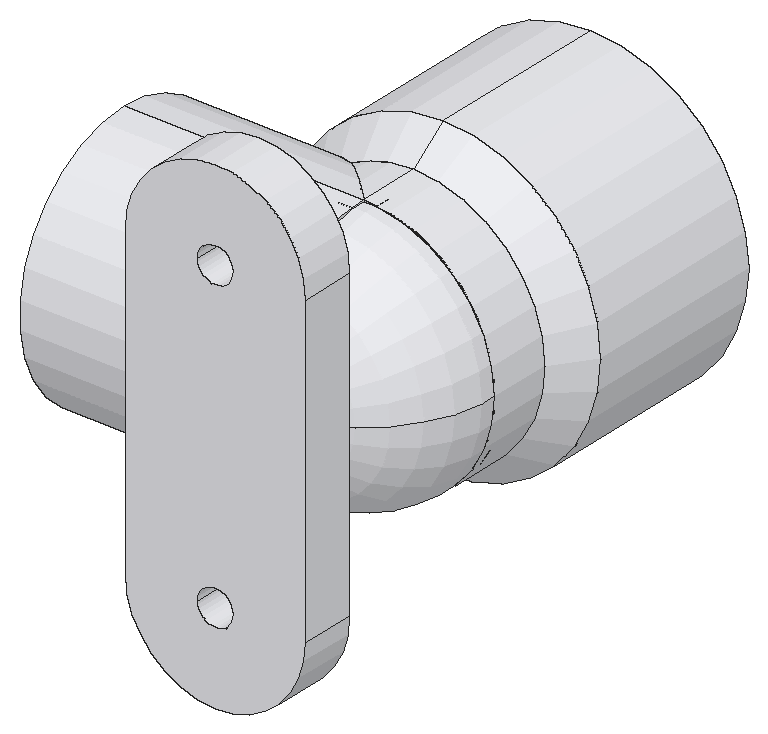
Revit family "PF_Отвод [фитинг полипропиленовый - водорозетка с внутренней резьбой VTp.754.0]1 - VALTEC", category Соединительные детали трубопроводов, Revit 2019
Family settings
  Размер круглого соединителя = Использовать диаметр
  Тип детали = Отвод
  На основе рабочей плоскости = Нет
  Всегда вертикально = Да
  При загрузке вырезать с полостями = Нет
  Общий = Нет
Parameters (values of type "VTp.754.0")
  Угол 1 [instance] = size_lookup(Таблица, "Угол 1", 0.00°, d1, d2)  # 0.00°
  Угол [instance] = 90.00°
  Таблица = "PF_Отвод [фитинг полипропиленовый - водорозетка с внутренней резьбой VTp.754.0] - VALTEC"  # constant formula
  built-in parameter 1114238 [instance] = (empty or 0)
  Keynote = ""
  Manufacturer = ""
  x2 [instance] = size_lookup(Таблица, "x2", 0 mm, d1, d2)  # 31.4 mm
  x1 [instance] = size_lookup(Таблица, "x1", 0 mm, d1, d2)  # 26.5 mm
  r [instance] = size_lookup(Таблица, "r", 0 mm, d1, d2)  # 14.5 mm
  lc3 [instance] = size_lookup(Таблица, "lc3", 0 mm, d1, d2)  # -31.4 mm
  lc2 [instance] = size_lookup(Таблица, "lc2", 0 mm, d1, d2)  # -24.5 mm
  lc1 [instance] = size_lookup(Таблица, "lc1", 0 mm, d1, d2)  # -20.4 mm
  la1 [instance] = size_lookup(Таблица, "la1", 0 mm, d1, d2)  # -26.5 mm
  l0 [instance] = size_lookup(Таблица, "l0", 0 mm, d1, d2)  # 0 mm
  dn3 [instance] = size_lookup(Таблица, "dn3", 0 mm, d1, d2)  # 29 mm
  dn2 [instance] = size_lookup(Таблица, "dn2", 0 mm, d1, d2)  # 35 mm
  d2 [instance] = 15 mm
  d1 [instance] = 20 mm
  dn1 [instance] = size_lookup(Таблица, "dn1", 0 mm, d1, d2)  # 29 mm
  URL = "https://valtec.ru/"
  C [instance] = size_lookup(Таблица, "C", 0 mm, d1, d2)  # 31.4 mm
  B [instance] = size_lookup(Таблица, "B", 0 mm, d1, d2)  # 15 mm
  ADSK_Примечание [instance] = ""
  ADSK_Позиция [instance] = ""
  ADSK_Обозначение [instance] = "VTp.754.0"  # constant formula
  ADSK_Наименование [instance] = size_lookup(Таблица, "", "Данный типоразмер отсутствует", d1, d2)  # "Фитинг полипропиленовый - водорозетка с внутренней резьбой, 20 мм х 1/2\""
  ADSK_Материал [instance] = Пластик белый - VALTEC
  ADSK_Масса [instance] = size_lookup(Таблица, "Масса", 0, d1, d2)  # 0.055
  ADSK_Марка [instance] = size_lookup(Таблица, "Маркировка", "Данный типоразмер отсутствует", d1, d2)  # "20х1/2\""
  ADSK_Код изделия [instance] = size_lookup(Таблица, "Код продукта", "Данный типоразмер отсутствует", d1, d2)  # "VTp.754.0.02004"
  ADSK_Завод-изготовитель [instance] = "VALTEC"  # constant formula
  ADSK_Единица измерения [instance] = "шт."  # constant formula
  ADSK_URL страницы изделия = "https://valtec.ru/catalog/sistemy_polipropilenovyh_truboprovodov/polipropilenovye_fitingi/fiting_polipropilenovyj_vodorozetka_s_vnutrennej_rezboj_vtp7540.html"
  ADSK_URL документации изделия = "https://valtec.ru/document/technical/VTp.700-fitingi-0419.pdf"
  A [instance] = size_lookup(Таблица, "A", 0 mm, d1, d2)  # 26.5 mm
Reference planes
  plane 1 "По центру (Вперед/Назад)": y = 0
  plane 2: z = 0
  plane 3 "По центру (Влево/Вправо)": x = 0
  plane 4: x = -26.5
  plane 5: y = 14.5
  plane 6: x = -14.5
  plane 7: y = 31.4
  plane 8: y = -14.5
Forms (mm)
  Extrusion 1, solid, material "Пластик белый - VALTEC" <- "ADSK_Материал", detail levels medium+fine
    sketch origin (-26.5, 0, 0) x (0, 0, 1) y (0, 1, 0)
      loop
        circle (0, 0) r 14.5
    from 0 <- "l0" to -26.5 <- "la1"
  Extrusion 2, solid, material "Пластик белый - VALTEC" <- "ADSK_Материал", detail levels medium+fine
    sketch origin (0, 31.4, 0) x (0, 0, 1) y (1, 0, 0)
      loop
        circle (0, 0) r 17.5
    from 0 <- "l0" to -20.4 <- "lc1"
  Blend 3, solid, material "Пластик белый - VALTEC" <- "ADSK_Материал", detail levels medium+fine
    base sketch origin (0, 31.4, 0) x (0, 0, 1) y (1, 0, 0)
      loop
        circle (0, 0) r 17.5
    top sketch origin (0, 31.4, 0) x (0, 0, 1) y (1, 0, 0)
      loop
        circle (0, 0) r 14.5
    from -20.4 <- "lc1" to -24.5 <- "lc2"
  Revolve 4, solid, material "Пластик белый - VALTEC" <- "ADSK_Материал", detail levels medium+fine
    sketch origin (0, 0, 0) x (1, 0, 0) y (0, 1, 0)
      loop
        arc (0, -14.5) -> (14.5, 0) -> (0, 14.5) r 14.5
        line (0, 14.5) -> (0, -14.5)
      axis (0, 14.5) -> (0, -14.5)
    angle from 0 to 360
  Extrusion 5, solid, material "Пластик белый - VALTEC" <- "ADSK_Материал", detail levels medium+fine
    sketch origin (0, 31.4, 0) x (0, 0, 1) y (1, 0, 0)
      loop
        circle (0, 0) r 14.5
    from -24.5 <- "lc2" to -31.4 <- "lc3"
Cuts and joins
  joined: Extrusion 1, Extrusion 2, Blend 3, Extrusion 5
Lines and regions (mm)
  reference lines
    curve 1: line (0, 0, 0) -> (-26.5, 0, 0)
    curve 2: line (0, 0, 0) -> (0, 31.4, 0)
    curve 3: line (0, 0, 0) -> (0, -14.5, 0)
    curve 4: line (-26.5, 0, 0) -> (0, 0, 0)
    curve 5: line (0, -14.5, 0) -> (5, -14.5, 0)
    curve 6: line (0, 31.4, 0) -> (0, 0, 0)
  model lines, detail levels coarse
    curve 7: arc (-14.5, 0, 0) -> (-4.247, 4.247, 0) -> (0, 14.5, 0) r 14.5
    curve 8: line (0, 31.4, 0) -> (0, 14.5, 0)
    curve 9: line (-14.5, 0, 0) -> (-26.5, 0, 0)
Dimensions and locks
  "r": plane 1 "По центру (Вперед/Назад)" to plane 5
  "r": plane 6 to plane 3 "По центру (Влево/Вправо)"
  "A": plane 4 to plane 3 "По центру (Влево/Вправо)"
  "C": plane 1 "По центру (Вперед/Назад)" to plane 7
  "x1": curve 1 to curve 1
  "x2": curve 2 to curve 2
  "r": plane 1 "По центру (Вперед/Назад)" to plane 8
  "r": curve 3 to curve 3
  "x2": curve 6 to curve 6
  "dn1": diameter of Extrusion 1 sketch curve
  "dn2": diameter of Extrusion 2 sketch curve
  "dn2": diameter of Blend 3 sketch curve
  "dn3": diameter of Blend 3 sketch curve
  "dn3": diameter of Revolve 4 sketch curve
  "dn3": diameter of Extrusion 5 sketch curve
  "r": radius of curve 7
  "Угол 1": angle curve 1 to plane 1 "По центру (Вперед/Назад)"
  "Угол 1": angle plane 3 "По центру (Влево/Вправо)" to curve 3
  locked: curve 5 to curve 3 (angle 90.00°)
  "Угол 1": angle plane 3 "По центру (Влево/Вправо)" to curve 2
  "Угол 1": angle plane 3 "По центру (Влево/Вправо)" to nested 1
  aligned and locked: level to plane 2
  aligned and locked: plane 1 "По центру (Вперед/Назад)" to curve 3
  aligned and locked: plane 3 "По центру (Влево/Вправо)" to curve 4
  aligned and locked: plane 4 to curve 4
  aligned and locked: plane 1 "По центру (Вперед/Назад)" to curve 4
  aligned and locked: plane 1 "По центру (Вперед/Назад)" to Revolve 4 sketch curve
  aligned and locked: plane 3 "По центру (Влево/Вправо)" to Revolve 4 sketch curve
  aligned and locked: Revolve 4 sketch curve to plane 3 "По центру (Влево/Вправо)"  (x2)
  aligned and locked: plane 7 to curve 6
  aligned and locked: curve 6 to plane 3 "По центру (Влево/Вправо)"
  aligned and locked: curve 3 to nested 1
  aligned and locked: nested 1 to curve 5
  aligned and locked: plane 6 to curve 7
  aligned and locked: plane 5 to curve 8
  aligned and locked: plane 7 to curve 8
  aligned and locked: curve 8 to plane 3 "По центру (Влево/Вправо)"
  aligned and locked: plane 4 to curve 9
  aligned and locked: plane 6 to curve 9
  aligned and locked: curve 9 to plane 1 "По центру (Вперед/Назад)"
Automatic sketch dimensions
  Revolve 4 sketch curve to Revolve 4 sketch curve = 1985.5 mm
  plane 7 to Revolve 4 sketch curve = 1968.6 mm
  level to Extrusion 1 sketch curve = 0 mm
  level to Extrusion 2 sketch curve = 0 mm
  level to Blend 3 sketch curve = 0 mm  (x2)
  Extrusion 5 sketch curve to level = 0 mm
Nested families
  nested 1: "планка VTp.754.0" at (0, -14.5, 0), ADSK_Материал <- "ADSK_Материал", type "планка VTp.754.0", detail levels medium+fine
    with ADSK_Материал Пластик белый - VALTEC
Connectors
  piping at (-26.5, 0, 0), diameter 20, driven by "d1", driven by "Угол"
    settings: on curve 4, index 1, connector inside diameter 609.6 mm, connector length 0 mm, flow factor 0, pipe flow 0.0 L/s, pressure drop 0.0 Pa, fitting loss kfactor 0, connector angle 90.00°, fixture units 0, engagement length 0 mm, angle of deflection 0.00°, flow configuration 0, flow direction 0, fitting loss method 0, system type 28, joint type 0, gender type 0, connector reference index 2, connector utility 0, adjustable connector no, is connector primary yes, connector description ""
  piping at (0, 31.4, 0), diameter 15, driven by "Угол", driven by "d2"
    settings: on curve 6, index 2, connector inside diameter 609.6 mm, connector length 0 mm, flow factor 0, pipe flow 0.0 L/s, pressure drop 0.0 Pa, fitting loss kfactor 0, connector angle 90.00°, fixture units 0, engagement length 0 mm, angle of deflection 0.00°, flow configuration 0, flow direction 0, fitting loss method 0, system type 28, joint type 0, gender type 0, connector reference index 1, connector utility 0, adjustable connector no, is connector primary no, connector description ""
Definition of nested family "планка VTp.754.0"
  Parameters (values of type "планка VTp.754.0")
    r = 10 mm  # constant formula
    b = 20 mm  # constant formula
    a = 54 mm  # constant formula
    ADSK_Материал [instance] = none
  Reference planes
    plane 1 "По центру (Вперед/Назад)": y = 0
    plane 2: z = 0
    plane 3 "По центру (Влево/Вправо)": x = 0
    plane 4: x = -10
    plane 5: x = 10
    plane 6: z = 27
    plane 7: z = -27
    plane 8: y = -6
  Forms (mm)
    Extrusion 1, solid, material <- "ADSK_Материал"
      sketch origin (0, 0, 0) x (1, 0, 0) y (0, 0, 1)
        loop
          line (-10, 17) -> (-10, -17)
          arc (-10, -17) -> (0, -27) -> (10, -17) r 10
          line (10, -17) -> (10, 17)
          arc (10, 17) -> (0, 27) -> (-10, 17) r 10
        loop
          circle (0, 17) r 2
        loop
          circle (0, -17) r 2
      from 0 to 6
  Lines and regions (mm)
    reference lines
      curve 1: line (0, 0, 0) -> (0, -6, 0)
      curve 2: line (-3.156, 0, 0) -> (3.156, 0, 0)
  Dimensions and locks
    equal spacing: plane 4, plane 3 "По центру (Влево/Вправо)", plane 5
    equal spacing: plane 6, plane 2, plane 7
    locked: plane 1 "По центру (Вперед/Назад)" to plane 8 at 6
    equal spacing: curve 2, plane 3 "По центру (Влево/Вправо)", curve 2
    "b": plane 4 to plane 5
    "a": plane 6 to plane 7
    "r": radius of Extrusion 1 sketch curve  (x2)
    aligned and locked: level to plane 2
    aligned and locked: plane 8 to curve 1
    aligned and locked: plane 1 "По центру (Вперед/Назад)" to curve 2
    aligned and locked: Extrusion 1 sketch curve to plane 5
    aligned and locked: Extrusion 1 sketch curve to plane 4
    aligned and locked: Extrusion 1 to plane 1 "По центру (Вперед/Назад)"
    aligned and locked: Extrusion 1 to plane 8
  Automatic sketch dimensions
    curve 1 to plane 3 "По центру (Влево/Вправо)" = 0 mm
    plane 4 to curve 2 = 13.156 mm
    Extrusion 1 sketch curve to Extrusion 1 sketch curve = 0 mm  (x4)
    Extrusion 1 sketch curve to plane 7 = 10 mm
    Extrusion 1 sketch curve to plane 6 = 10 mm
    radius of Extrusion 1 sketch curve = 2 mm  (x2)
